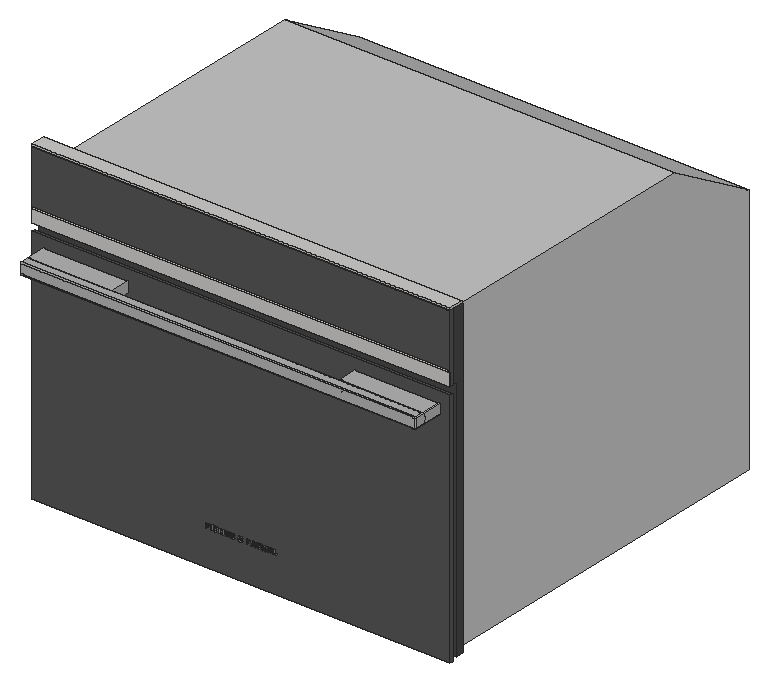
Revit family "FP_Revit_18_OS24NDB1_Steam_Oven_90000815A", category Specialty Equipment, Revit 2018
Family settings
  Round Connector Dimension = Use Diameter
  Part Type = Normal
  OmniClass Number = 23.40.40.14.17.31
  OmniClass Title = Small Specialized Cooking Equipment
  Work Plane-Based = No
  Always vertical = Yes
  Cut with Voids When Loaded = Yes
  Shared = No
  Room Calculation Point = No
Parameters (values of type "OS24NDB1")
  Visibility - Clearance Required = yes
  URL = "www.fisherpaykel.com"
  Product - Width = 596 mm  # constant formula
  Product - Height = 458 mm  # constant formula
  Product - Depth = 562 mm  # constant formula
  Model = "OS24NDB1"
  Material - Trim = Fisher & Paykel - Stainless Steel
  Material - Structure = Fisher & Paykel - Black
  Material - Handle = Fisher & Paykel - Aluminium
  Material - Glass = Fisher & Paykel - Glass, Black
  Material - Body = Fisher & Paykel - Grey
  Manufacturer = "Fisher & Paykel Appliances"
  FFL Offset [instance] = 860 mm
  Description = "24\" Steam Oven"
  Connector Description - Electrical = "208 V or 240 V, 60 Hz, 10.8 or 12.5 A"
  Chassis - Width = 556 mm  # constant formula
  Chassis - Height = 446 mm  # constant formula
  Chassis - Depth = 540 mm  # constant formula
  Cavity - Width = 560 mm  # constant formula
  Cavity - Height = 460 mm  # constant formula
  Cavity - Depth = 560 mm  # constant formula
Reference planes
  plane 1 "Center (Front/Back)": y = 0
  plane 2: z = 0
  plane 3 "Center (Left/Right)": x = 0
  plane 4: z = 1320
  plane 5: z = 1318
  plane 6 "Product LHS": x = -298
  plane 7 "Product RHS": x = 298
  plane 8 "Product - Depth": y = 0
  plane 9 "Cavity LHS": x = -300
  plane 10 "Cavity RHS": x = 300
  plane 11 "Cavity - Depth": y = 560
  plane 12 "Front Face": y = -22
  plane 13 "Chassis - Height": z = 0
  plane 14 "Product Depth": y = 540
  plane 15 "FFL Offset": z = 860
Forms (mm)
  Extrusion 1, solid, material "Fisher & Paykel - Grey" <- "Material - Body"
    sketch origin (0, 0, 0) x (0, 1, 0) y (0, 0, 1)
      loop
        line (0, 1306) -> (0, 867.28) -> (5.16, 867.28) -> (5.16, 860) -> (534.187, 860) -> (534.187, 1217.991) -> (403.295, 1296.64) -> (24.316, 1296.64) -> (8.71, 1306) -> (0, 1306)
    from -278 to 278
  Extrusion 2, solid, material "Fisher & Paykel - Black" <- "Material - Structure", detail levels fine
    sketch origin (0, 0, 0) x (0, 1, 0) y (0, 0, 1)
      loop
        line (0, 1313.9) -> (-2, 1313.9) -> (-2, 1315) -> (-18, 1315) -> (-18, 1218) -> (-9.89, 1218) -> (-9.89, 867.28) -> (0, 867.28) -> (0, 1313.9)
    from -298 to 298
  Extrusion 3, solid, material "Fisher & Paykel - Stainless Steel" <- "Material - Trim", detail levels fine
    sketch origin (0, 0, 0) x (0, 1, 0) y (0, 0, 1)
      loop
        line (-22, 1318) -> (-22, 1315) -> (-2, 1315) -> (-2, 1318) -> (-22, 1318)
    from -298 to 298
  Extrusion 4, solid, material "Fisher & Paykel - Glass, Black" <- "Material - Glass", detail levels fine
    sketch origin (0, 0, 0) x (0, 1, 0) y (0, 0, 1)
      loop
        line (-18, 1315) -> (-20.262, 1315)
        arc (-20.262, 1315) -> (-21.236, 1314.682) -> (-22, 1314) r 2.5
        line (-22, 1314) -> (-22, 1218) -> (-18, 1218) -> (-18, 1315)
    from -298 to 298
  Extrusion 5, solid, material "Fisher & Paykel - Glass, Black" <- "Material - Glass", detail levels fine
    sketch origin (0, 0, 0) x (0, 1, 0) y (0, 0, 1)
      loop
        line (-22, 1206.53) -> (-22, 864.53) -> (-18, 864.53) -> (-18, 1206.53) -> (-22, 1206.53)
    from -298 to 298
  Extrusion 6, solid, material "Fisher & Paykel - Black" <- "Material - Structure", detail levels fine
    sketch origin (0, 0, 0) x (0, 1, 0) y (0, 0, 1)
      loop
        line (-18, 1189.33) -> (-18, 867.28) -> (-9.89, 867.28) -> (-9.89, 1189.33) -> (-18, 1189.33)
    from -278 to 278
  Extrusion 7, void
    sketch origin (0, 0, 0) x (1, 0, 0) y (0, 0, 1)
      loop
        line (-158.462, 1012.91) -> (-229.24, 1012.91)
        arc (-229.24, 1012.91) -> (-232.776, 1011.446) -> (-234.24, 1007.91) r 5
        line (-234.24, 1007.91) -> (-234.24, 915.13)
        arc (-234.24, 915.13) -> (-232.776, 911.594) -> (-229.24, 910.13) r 5
        line (-229.24, 910.13) -> (-158.462, 910.13)
        arc (-158.462, 910.13) -> (-154.926, 911.594) -> (-153.462, 915.13) r 5
        line (-153.462, 915.13) -> (-153.462, 1007.91)
        arc (-153.462, 1007.91) -> (-154.926, 1011.446) -> (-158.462, 1012.91) r 5
    from -539.6 to -521.6
  Sweep 8, void
    path in 3D
      loop
        arc (-153.462, 521.6, 915.13) -> (-154.926, 521.6, 911.594) -> (-158.462, 521.6, 910.13) r 5
        line (-158.462, 521.6, 910.13) -> (-229.24, 521.6, 910.13)
        arc (-229.24, 521.6, 910.13) -> (-232.776, 521.6, 911.594) -> (-234.24, 521.6, 915.13) r 5
        line (-234.24, 521.6, 915.13) -> (-234.24, 521.6, 1007.91)
        arc (-234.24, 521.6, 1007.91) -> (-232.776, 521.6, 1011.446) -> (-229.24, 521.6, 1012.91) r 5
        line (-229.24, 521.6, 1012.91) -> (-158.462, 521.6, 1012.91)
        arc (-158.462, 521.6, 1012.91) -> (-154.926, 521.6, 1011.446) -> (-153.462, 521.6, 1007.91) r 5
        line (-153.462, 521.6, 1007.91) -> (-153.462, 521.6, 915.13)
    profile origin (-153.462, 521.6, 961.52) x (-1, 0, 0) y (0, -1, 0)
      loop
        line (0, 0) -> (-21.3, -12.587) -> (0, -12.587) -> (0, 0)
  Extrusion 9, solid, material "Fisher & Paykel - Grey" <- "Material - Body", detail levels medium+fine
    sketch origin (0, 0, -140) x (1, 0, 0) y (0, 0, 1)
      loop
        line (-175.354, 1115.273) -> (-212.354, 1115.273) -> (-212.354, 1057.273) -> (-175.354, 1057.273) -> (-175.354, 1115.273)
    from -540 to -521.6
  Extrusion 10, solid, material "Fisher & Paykel - Stainless Steel" <- "Material - Trim", detail levels fine
    sketch origin (0, 0, 0) x (0, 1, 0) y (0, 0, 1)
      loop
        line (-22, 1218) -> (-22, 1237.8) -> (-22.8, 1237.8) -> (-23.7, 1235.5) -> (-23.7, 1218) -> (-22, 1218)
    from -298 to 298
  Extrusion 11, solid, material "Fisher & Paykel - Clearance Required", visible <- "Visibility - Clearance Required", detail levels coarse
    sketch origin (0, 0, 0) x (1, 0, 0) y (0, 1, 0)
      loop
        line (-280, 0) -> (280, 0) -> (280, 548.619) -> (-280, 548.619) -> (-280, 0)
    from 860 to 1320
  Extrusion 12, solid, material "Fisher & Paykel - Clearance Required", visible <- "Visibility - Clearance Required", detail levels coarse
    sketch origin (0, 0, 0) x (0, 1, 0) y (0, 0, 1)
      loop
        arc (-22, 1206.53) -> (-241.159, 1121.206) -> (-341.563, 908.532) r 317.644
        line (-341.563, 908.532) -> (-326.406, 906.445) -> (-332.106, 865.048) -> (-316.871, 862.951) -> (-311.171, 904.347) -> (-22, 864.53) -> (-22, 860) -> (0, 860) -> (0, 1320) -> (-22, 1320) -> (-22, 1206.53)
    from -300 to 300
  Sweep 13, solid, material "Fisher & Paykel - Grey" <- "Material - Body", detail levels fine
    path origin (0, 0, -140) x (0, 1, 0) y (0, 0, 1)
      loop
        arc (530.8, 1057.273) -> (536.019, 1044.673) -> (548.619, 1039.454) r 17.819
    profile origin (0, 536.019, 904.673) x (0, 0.707107, 0.707107) y (1, 0, 0)
      loop
        circle (0, -193.854) r 5
  Extrusion 14, solid, material "Fisher & Paykel - Glass, Black" <- "Material - Glass", detail levels coarse+medium
    sketch origin (0, 0, 0) x (0, 1, 0) y (0, 0, 1)
      loop
        line (-22, 1318) -> (-22, 1218) -> (-9.89, 1218) -> (-9.89, 1189.33) -> (-18, 1189.33) -> (-18, 1206.53) -> (-22, 1206.53) -> (-22, 864.53) -> (-18, 864.53) -> (-18, 867.28) -> (0, 867.28) -> (0, 1313.9) -> (-2, 1313.9) -> (-2, 1318) -> (-22, 1318)
    from -298 to 298
  Extrusion 15, solid, material "Fisher & Paykel - Grey" <- "Material - Body", not visible, detail levels medium+fine
    sketch origin (0, 0, 0) x (1, 0, 0) y (0, 0, 1)
      loop
        line (-175.354, 1115.273) -> (-212.354, 1115.273) -> (-212.354, 1057.273) -> (-175.354, 1057.273) -> (-175.354, 1115.273)
    from -540 to -521.6
  Sweep 16, solid, material "Fisher & Paykel - Grey" <- "Material - Body", not visible, detail levels fine
    path origin (0, 0, 0) x (0, 1, 0) y (0, 0, 1)
      loop
        arc (530.8, 1057.273) -> (536.019, 1044.673) -> (548.619, 1039.454) r 17.819
    profile origin (0, 536.019, 1044.673) x (0, 0.707107, 0.707107) y (1, 0, 0)
      loop
        circle (0, -193.854) r 5
  Extrusion 17, void
    sketch origin (0, 0, 0) x (1, 0, 0) y (0, 1, 0)
      loop
        line (-280, 0) -> (280, 0) -> (280, 548.619) -> (-280, 548.619) -> (-280, 0)
    from 860 to 1320
  Extrusion 18, solid, material "Fisher & Paykel - Clearance Required", visible <- "Visibility - Clearance Required", detail levels coarse
    sketch origin (0, 0, 0) x (0, 1, 0) y (0, 0, 1)
      loop
        arc (-22, 1206.53) -> (-241.159, 1121.206) -> (-341.563, 908.532) r 317.644
        line (-341.563, 908.532) -> (-326.406, 906.445) -> (-332.106, 865.048) -> (-316.871, 862.951) -> (-311.171, 904.347) -> (-22, 864.53) -> (-22, 860) -> (0, 860) -> (0, 1320) -> (-22, 1320) -> (-22, 1206.53)
    from -300 to 300
  Extrusion 19, void
    sketch origin (0, 0, 0) x (0, 1, 0) y (0, 0, 1)
      loop
        line (-22, 1320) -> (-22, 860) -> (0, 860) -> (0, 1320) -> (-22, 1320)
    from -300 to 300
Cuts and joins
  Extrusion 7, Sweep 8 cuts Extrusion 1
  Extrusion 7 cuts Extrusion 2
  Extrusion 7 cuts Extrusion 5
  Extrusion 7 cuts Extrusion 6
Lines and regions (mm)
  sketch lines
    curve 1: line (-153.462, 521.6, 1007.91) -> (-153.462, 521.6, 915.13)
    curve 2: arc (-153.462, 521.6, 1007.91) -> (-154.926, 521.6, 1011.446) -> (-158.462, 521.6, 1012.91) r 5
    curve 3: line (-229.24, 521.6, 1012.91) -> (-158.462, 521.6, 1012.91)
    curve 4: arc (-229.24, 521.6, 1012.91) -> (-232.776, 521.6, 1011.446) -> (-234.24, 521.6, 1007.91) r 5
    curve 5: line (-234.24, 521.6, 915.13) -> (-234.24, 521.6, 1007.91)
    curve 6: arc (-234.24, 521.6, 915.13) -> (-232.776, 521.6, 911.594) -> (-229.24, 521.6, 910.13) r 5
    curve 7: arc (-158.462, 521.6, 910.13) -> (-154.926, 521.6, 911.594) -> (-153.462, 521.6, 915.13) r 5
    curve 8: line (-158.462, 521.6, 910.13) -> (-229.24, 521.6, 910.13)
Text (mm)
  text "Due to ongoing product development, product details are subject to change without notice. \nPlease always refer to www.fisherpaykel.com for the most current product information. \n© Fisher & Paykel 2020" at (41.04, -413.295, 0), in view "Ref. Level (Plan)"
Dimensions and locks
  equal spacing: plane 6 "Product LHS", plane 3 "Center (Left/Right)", plane 7 "Product RHS"
  "Product - Width": plane 6 "Product LHS" to plane 7 "Product RHS"
  equal spacing: plane 9 "Cavity LHS", plane 3 "Center (Left/Right)", plane 10 "Cavity RHS"
  locked: plane 9 "Cavity LHS" to plane 10 "Cavity RHS" at 600
  "Cavity - Depth": plane 11 "Cavity - Depth" to plane 1 "Center (Front/Back)"
  locked: plane 12 "Front Face" to plane 1 "Center (Front/Back)" at 22
  "Chassis - Depth": plane 1 "Center (Front/Back)" to plane 14 "Product Depth"
  Extrusion 1 sketch curve to plane 14 "Product Depth" = 5.813 mm
  equal spacing: cut or joined group of Extrusion 1, Extrusion 7, Sweep 8, plane 3 "Center (Left/Right)", cut or joined group of Extrusion 1, Extrusion 7, Sweep 8
  "Chassis - Width": cut or joined group of Extrusion 1, Extrusion 7, Sweep 8 to cut or joined group of Extrusion 1, Extrusion 7, Sweep 8
  "FFL Offset": plane 15 "FFL Offset" to level
  locked: nested 2 to plane 15 "FFL Offset" at 61.04
  locked: cut or joined group of Extrusion 1, Extrusion 7, Sweep 8 to plane 15 "FFL Offset" at 7.28
  locked: Extrusion 14 to plane 15 "FFL Offset" at 4.53
  locked: cut or joined group of Extrusion 1, Extrusion 7, Sweep 8 to plane 15 "FFL Offset" at 436.64
  "Chassis - Height": cut or joined group of Extrusion 1, Extrusion 7, Sweep 8 to plane 15 "FFL Offset"
  Extrusion 11 to plane 15 "FFL Offset" = 460 mm
  locked: plane 15 "FFL Offset" to Extrusion 9 at 57.273
  locked: plane 15 "FFL Offset" to cut or joined group of Extrusion 1, Extrusion 7, Sweep 8 at 50.13
  "Product - Height": plane 5 to plane 15 "FFL Offset"
  "Cavity - Height": plane 4 to plane 15 "FFL Offset"
  locked: nested 1 to plane 15 "FFL Offset" at 330.978
  locked: plane 5 to Extrusion 14 at 100
  locked: plane 5 to Extrusion 14 at 111.47
  locked: Extrusion 12 sketch curve to plane 15 "FFL Offset" at 4.53
  locked: plane 15 "FFL Offset" to Extrusion 7 sketch curve at 152.91
  locked: plane 15 "FFL Offset" to Extrusion 7 sketch curve at 50.13
  "Cavity - Width": Extrusion 17 to Extrusion 17
  aligned and locked: level to plane 2
  aligned and locked: Extrusion 3 sketch curve to plane 5
  aligned and locked: plane 6 "Product LHS" to Extrusion 5
  aligned and locked: Extrusion 5 to plane 7 "Product RHS"
  aligned and locked: Extrusion 4 to plane 7 "Product RHS"
  aligned and locked: plane 6 "Product LHS" to Extrusion 4
  aligned and locked: plane 6 "Product LHS" to Extrusion 3
  aligned and locked: Extrusion 3 to plane 7 "Product RHS"
  aligned and locked: plane 6 "Product LHS" to Extrusion 2
  aligned and locked: Extrusion 2 to plane 7 "Product RHS"
  aligned and locked: plane 14 "Product Depth" to Extrusion 9
  aligned and locked: cut or joined group of Extrusion 1, Extrusion 7, Sweep 8 to Extrusion 9
  aligned and locked: Extrusion 10 to plane 7 "Product RHS"
  aligned and locked: plane 6 "Product LHS" to Extrusion 10
  aligned and locked: Extrusion 14 to plane 7 "Product RHS"
  aligned and locked: plane 6 "Product LHS" to Extrusion 14
  aligned and locked: Extrusion 1 to plane 15 "FFL Offset"
  aligned and locked: Extrusion 11 to cut or joined group of Extrusion 1, Extrusion 7, Sweep 8
  aligned and locked: Extrusion 14 to cut or joined group of Extrusion 1, Extrusion 7, Sweep 8
  aligned and locked: Extrusion 2 to cut or joined group of Extrusion 1, Extrusion 7, Sweep 8
  aligned and locked: Extrusion 6 to cut or joined group of Extrusion 1, Extrusion 7, Sweep 8
  aligned and locked: plane 5 to Extrusion 3
  aligned and locked: plane 5 to Extrusion 14
  aligned and locked: Extrusion 10 to Extrusion 4
  aligned and locked: Extrusion 14 to Extrusion 4
  aligned and locked: Extrusion 4 to cut or joined group of Extrusion 2, Extrusion 7
  aligned and locked: Extrusion 5 to Extrusion 14  (x2)
  aligned and locked: plane 4 to Extrusion 11
  aligned and locked: Extrusion 11 to Sweep 13
  aligned and locked: Extrusion 12 sketch curve to plane 15 "FFL Offset"
  aligned and locked: Extrusion 12 sketch curve to plane 4
  aligned and locked: plane 4 to Extrusion 17
  aligned and locked: Extrusion 17 to cut or joined group of Extrusion 1, Extrusion 7, Sweep 8
  aligned and locked: plane 15 "FFL Offset" to Extrusion 19 sketch curve
  aligned and locked: Extrusion 19 sketch curve to plane 4
Automatic sketch dimensions
  Extrusion 9 sketch curve to Extrusion 9 sketch curve = 37 mm
  Extrusion 9 sketch curve to Extrusion 9 sketch curve = 58 mm
  Sweep 13 sketch curve to profile plane = 0 mm
  Sweep 13 sketch curve to Sweep 13 sketch curve = 17.819 mm
  Sweep 13 sketch curve to profile plane = 193.854 mm
  Extrusion 15 sketch curve to Extrusion 15 sketch curve = 37 mm
  Extrusion 15 sketch curve to Extrusion 15 sketch curve = 58 mm
  Sweep 16 sketch curve to profile plane = 0 mm
  Sweep 16 sketch curve to Sweep 16 sketch curve = 17.819 mm
  Sweep 16 sketch curve to profile plane = 193.854 mm
  Extrusion 1 sketch curve to plane 1 "Center (Front/Back)" = 0 mm
  Extrusion 1 sketch curve to plane 15 "FFL Offset" = 0 mm
  Extrusion 1 sketch curve to plane 1 "Center (Front/Back)" = 5.16 mm
  Extrusion 1 sketch curve to Extrusion 1 sketch curve = 8.71 mm
  Extrusion 1 sketch curve to Extrusion 1 sketch curve = 15.606 mm
  Extrusion 1 sketch curve to plane 5 = 21.36 mm
  Extrusion 1 sketch curve to plane 14 "Product Depth" = 136.705 mm
  Extrusion 1 sketch curve to Extrusion 1 sketch curve = 7.28 mm
  Extrusion 1 sketch curve to plane 5 = 100.009 mm
  Extrusion 1 sketch curve to plane 5 = 12 mm
  Extrusion 2 sketch curve to plane 1 "Center (Front/Back)" = 0 mm
  plane 1 "Center (Front/Back)" to Extrusion 2 sketch curve = 2 mm
  plane 1 "Center (Front/Back)" to Extrusion 2 sketch curve = 9.89 mm
  plane 12 "Front Face" to Extrusion 2 sketch curve = 4 mm
  plane 15 "FFL Offset" to Extrusion 2 sketch curve = 7.28 mm
  Extrusion 2 sketch curve to plane 5 = 100 mm
  Extrusion 2 sketch curve to plane 5 = 4.1 mm
  Extrusion 2 sketch curve to Extrusion 2 sketch curve = 1.1 mm
  Extrusion 3 sketch curve to plane 12 "Front Face" = 0 mm
  plane 1 "Center (Front/Back)" to Extrusion 3 sketch curve = 2 mm
  Extrusion 3 sketch curve to plane 5 = 3 mm
  Extrusion 4 sketch curve to plane 12 "Front Face" = 0 mm
  plane 12 "Front Face" to Extrusion 4 sketch curve = 1.738 mm
  plane 12 "Front Face" to Extrusion 4 sketch curve = 2.011 mm
  plane 12 "Front Face" to Extrusion 4 sketch curve = 4 mm
  Extrusion 4 sketch curve to plane 5 = 100 mm
  Extrusion 4 sketch curve to plane 5 = 5.485 mm
  Extrusion 4 sketch curve to Extrusion 4 sketch curve = 1.485 mm
  Extrusion 5 sketch curve to plane 12 "Front Face" = 0 mm
  plane 12 "Front Face" to Extrusion 5 sketch curve = 4 mm
  plane 15 "FFL Offset" to Extrusion 5 sketch curve = 4.53 mm
  Extrusion 5 sketch curve to plane 5 = 111.47 mm
  plane 12 "Front Face" to Extrusion 6 sketch curve = 4 mm
  Extrusion 6 sketch curve to Extrusion 6 sketch curve = 8.11 mm
  plane 15 "FFL Offset" to Extrusion 6 sketch curve = 7.28 mm
  Extrusion 6 sketch curve to plane 5 = 128.67 mm
  Extrusion 7 sketch curve to plane 6 "Product LHS" = 63.76 mm
  Extrusion 7 sketch curve to Extrusion 7 sketch curve = 5 mm  (x3)
  Extrusion 7 sketch curve to Extrusion 7 sketch curve = 70.778 mm  (x2)
  Sweep 8 sketch curve to profile plane = 0 mm  (x2)
  Sweep 8 sketch curve to profile plane = 21.3 mm
  profile plane to Sweep 8 sketch curve = 12.587 mm
  Extrusion 10 sketch curve to plane 12 "Front Face" = 0 mm
  Extrusion 10 sketch curve to Extrusion 10 sketch curve = 0.8 mm
  Extrusion 10 sketch curve to plane 12 "Front Face" = 1.7 mm
  Extrusion 10 sketch curve to plane 5 = 100 mm
  Extrusion 10 sketch curve to Extrusion 10 sketch curve = 17.5 mm
  Extrusion 10 sketch curve to Extrusion 10 sketch curve = 2.3 mm
  plane 1 "Center (Front/Back)" to Extrusion 11 sketch curve = 0 mm
  plane 14 "Product Depth" to Extrusion 11 sketch curve = 8.619 mm
  Extrusion 11 sketch curve to plane 6 "Product LHS" = 18 mm
  plane 7 "Product RHS" to Extrusion 11 sketch curve = 18 mm
  Extrusion 12 sketch curve to plane 12 "Front Face" = 0 mm  (x2)
  Extrusion 12 sketch curve to plane 1 "Center (Front/Back)" = 0 mm
  Extrusion 12 sketch curve to plane 12 "Front Face" = 2.526 mm
  plane 15 "FFL Offset" to Extrusion 12 sketch curve = 44.347 mm
  Extrusion 12 sketch curve to Extrusion 12 sketch curve = 286.644 mm
  plane 15 "FFL Offset" to Extrusion 12 sketch curve = 2.951 mm
  plane 15 "FFL Offset" to Extrusion 12 sketch curve = 46.445 mm
  Extrusion 12 sketch curve to Extrusion 12 sketch curve = 15.235 mm
  plane 15 "FFL Offset" to Extrusion 12 sketch curve = 48.532 mm
  Extrusion 12 sketch curve to Extrusion 12 sketch curve = 24.366 mm
  Extrusion 14 sketch curve to plane 5 = 0 mm
  Extrusion 14 sketch curve to plane 12 "Front Face" = 0 mm  (x2)
  Extrusion 14 sketch curve to plane 1 "Center (Front/Back)" = 0 mm
  plane 12 "Front Face" to Extrusion 14 sketch curve = 4 mm  (x2)
  plane 1 "Center (Front/Back)" to Extrusion 14 sketch curve = 9.89 mm
  plane 1 "Center (Front/Back)" to Extrusion 14 sketch curve = 2 mm
  Extrusion 14 sketch curve to plane 5 = 4.1 mm
  Extrusion 14 sketch curve to Extrusion 14 sketch curve = 95.9 mm
  Extrusion 14 sketch curve to Extrusion 14 sketch curve = 11.47 mm
  Extrusion 14 sketch curve to Extrusion 14 sketch curve = 17.2 mm
  plane 15 "FFL Offset" to Extrusion 14 sketch curve = 7.28 mm
  Extrusion 14 sketch curve to Extrusion 14 sketch curve = 2.75 mm
  plane 1 "Center (Front/Back)" to Extrusion 17 sketch curve = 0 mm
  plane 14 "Product Depth" to Extrusion 17 sketch curve = 8.619 mm
  Extrusion 17 sketch curve to plane 6 "Product LHS" = 18 mm
  plane 7 "Product RHS" to Extrusion 17 sketch curve = 18 mm
  Extrusion 18 sketch curve to plane 12 "Front Face" = 0 mm  (x2)
  Extrusion 18 sketch curve to plane 1 "Center (Front/Back)" = 0 mm
  Extrusion 18 sketch curve to plane 15 "FFL Offset" = 0 mm
  Extrusion 18 sketch curve to plane 4 = 0 mm
  Extrusion 18 sketch curve to plane 12 "Front Face" = 2.526 mm
  plane 15 "FFL Offset" to Extrusion 18 sketch curve = 44.347 mm
  Extrusion 18 sketch curve to Extrusion 18 sketch curve = 286.644 mm
  plane 15 "FFL Offset" to Extrusion 18 sketch curve = 2.951 mm
  Extrusion 18 sketch curve to Extrusion 18 sketch curve = 5.7 mm
  plane 15 "FFL Offset" to Extrusion 18 sketch curve = 46.445 mm
  Extrusion 18 sketch curve to Extrusion 18 sketch curve = 15.235 mm
  plane 15 "FFL Offset" to Extrusion 18 sketch curve = 48.532 mm
  Extrusion 18 sketch curve to Extrusion 18 sketch curve = 24.366 mm
  Extrusion 19 sketch curve to plane 12 "Front Face" = 0 mm
  Extrusion 19 sketch curve to plane 1 "Center (Front/Back)" = 0 mm
  radius of Sweep 13 sketch curve = 5 mm
  radius of Sweep 16 sketch curve = 5 mm
Nested families
  nested 1: "F&P Handle Contemporary Square OB60-24" at (0, -22, 1183), type "Aluminium"
  nested 2: "F&P Logo 100mm" at (0, -22, 915), type "F&P Logo 100mm"
Connectors
  electrical at (-193.854, 548.619, 899.454), driven by "Connector Description - Electrical"
    settings: on Sweep 13, index 1, voltage 120 V, apparent load 0 VA, apparent load phase1 0 VA, apparent load phase2 0 VA, apparent load phase3 0 VA, power factor 1, load classification "Other", number of poles 1, system type 30, power factor state 1, is connector primary yes, connector utility no, sub classification motor no, connector description "208 V or 240 V, 60 Hz, 10.8 or 12.5 A"
Definition of nested family "F&P Handle Contemporary Square OB60-24"
  Parameters (values of type "Aluminium Dark")
    URL = "www.fisherpaykel.com"
    Material - Handle = none
    Manufacturer = "Fisher & Paykel Appliances"
    Handle - Length = 565 mm
  Types (2): name
    Aluminium
    Aluminium Dark
  Reference planes
    plane 1 "Center (Front/Back)": y = 0
    plane 2: z = 0
    plane 3 "Center (Left/Right)": x = 0
    plane 4 "Product LHS": x = -282.5
    plane 5 "Product RHS": x = 282.5
    plane 6 "LHS Standoff": x = -162.495
    plane 7 "RHS Standoff": x = 162.505
  Forms (mm)
    Extrusion 1, solid, material <- "Material - Handle", detail levels fine
      sketch origin (0, 0, 0) x (0, 1, 0) y (0, 0, 1)
        loop
          arc (-28.701, 7.561) -> (-29.057, 7.868) -> (-29.514, 7.978) r 1
          line (-29.514, 7.978) -> (-40.5, 7.978)
          arc (-40.5, 7.978) -> (-41.561, 7.539) -> (-42, 6.478) r 1.5
          line (-42, 6.478) -> (-42, -6.522)
          arc (-42, -6.522) -> (-41.561, -7.583) -> (-40.5, -8.022) r 1.5
          line (-40.5, -8.022) -> (-29.487, -8.022)
          arc (-29.487, -8.022) -> (-29.029, -7.911) -> (-28.673, -7.602) r 1
          arc (-28.673, -7.602) -> (-26.256, -0.016) -> (-28.701, 7.561) r 13.038
      from -282.5 to 282.5
    Extrusion 2, solid, material <- "Material - Handle", detail levels fine
      sketch origin (0, 0, 0) x (0, 1, 0) y (0, 0, 1)
        loop
          arc (-28.23, 7.062) -> (-26.156, 0.008) -> (-28.198, -7.056) r 13.136
          arc (-28.198, -7.056) -> (-28.21, -7.463) -> (-27.86, -7.67) r 0.4
          line (-27.86, -7.67) -> (0, -7.67) -> (0, 7.678) -> (-27.893, 7.678)
          arc (-27.893, 7.678) -> (-28.244, 7.47) -> (-28.23, 7.062) r 0.4
      from 162.505 to 282.5
    Extrusion 3, solid, material <- "Material - Handle", detail levels fine
      sketch origin (0, 0, 0) x (0, 1, 0) y (0, 0, -1)
        loop
          arc (-28.23, -7.062) -> (-28.244, -7.47) -> (-27.893, -7.678) r 0.4
          line (-27.893, -7.678) -> (0, -7.678) -> (0, 7.67) -> (-27.86, 7.67)
          arc (-27.86, 7.67) -> (-28.21, 7.463) -> (-28.198, 7.056) r 0.4
          arc (-28.198, 7.056) -> (-26.156, -0.008) -> (-28.23, -7.062) r 13.136
      from 162.495 to 282.5
    Sweep 4, void
      path in 3D
        loop
          line (282.5, -29.514, 7.978) -> (282.5, -40.5, 7.978)
          arc (282.5, -40.5, 7.978) -> (282.5, -41.561, 7.539) -> (282.5, -42, 6.478) r 1.5
          line (282.5, -42, 6.478) -> (282.5, -42, -6.522)
          arc (282.5, -42, -6.522) -> (282.5, -41.561, -7.583) -> (282.5, -40.5, -8.022) r 1.5
          line (282.5, -40.5, -8.022) -> (282.5, -29.487, -8.022)
      profile origin (282.5, -35.007, 7.978) x (1, 0, 0) y (0, 0, 1)
        loop
          line (0, 0) -> (-1.3, 0) -> (0, -1.3) -> (0, 0)
    Sweep 5, void
      path in 3D
        loop
          line (-282.5, -29.487, -8.022) -> (-282.5, -40.5, -8.022)
          arc (-282.5, -40.5, -8.022) -> (-282.5, -41.561, -7.583) -> (-282.5, -42, -6.522) r 1.5
          line (-282.5, -42, -6.522) -> (-282.5, -42, 6.478)
          arc (-282.5, -42, 6.478) -> (-282.5, -41.561, 7.539) -> (-282.5, -40.5, 7.978) r 1.5
          line (-282.5, -40.5, 7.978) -> (-282.5, -29.514, 7.978)
      profile origin (-282.5, -35.007, 7.978) x (-1, 0, 0) y (0, 0, 1)
        loop
          line (0, 0) -> (-1.3, 0) -> (0, -1.3) -> (0, 0)
    Extrusion 6, void
      sketch origin (0, 0, 0) x (1, 0, 0) y (0, 0, 1)
        loop
          line (282.5, 7.978) -> (281.2, 7.978) -> (282.5, 6.678) -> (282.5, 7.978)
        loop
          line (282.5, -8.022) -> (282.5, -6.722) -> (281.2, -8.022) -> (282.5, -8.022)
      from 0 to 40
    Extrusion 7, void
      sketch origin (0, 0, 0) x (1, 0, 0) y (0, 0, 1)
        loop
          line (-282.5, 7.978) -> (-282.5, 6.678) -> (-281.2, 7.978) -> (-282.5, 7.978)
        loop
          line (-282.5, -8.022) -> (-281.2, -8.022) -> (-282.5, -6.722) -> (-282.5, -8.022)
      from 0 to 40
    Extrusion 8, solid, material <- "Material - Handle", detail levels coarse+medium
      sketch origin (0, 0, 0) x (1, 0, 0) y (0, 1, 0)
        loop
          line (-282.5, -42) -> (282.5, -42) -> (282.5, 0) -> (162.505, 0) -> (162.505, -26.156) -> (-162.495, -26.156) -> (-162.495, 0) -> (-282.5, 0) -> (-282.5, -42)
      from -8.022 to 7.978
  Cuts and joins
    Sweep 4, Sweep 5, Extrusion 6, Extrusion 7 cuts Extrusion 1
    Extrusion 6 cuts Extrusion 2
    Extrusion 7 cuts Extrusion 3
  Lines and regions (mm)
    sketch lines
      curve 1: line (282.5, -29.514, 7.978) -> (282.5, -40.5, 7.978)
      curve 2: arc (282.5, -42, 6.478) -> (282.5, -41.561, 7.539) -> (282.5, -40.5, 7.978) r 1.5
      curve 3: line (282.5, -42, 6.478) -> (282.5, -42, -6.522)
      curve 4: arc (282.5, -40.5, -8.022) -> (282.5, -41.561, -7.583) -> (282.5, -42, -6.522) r 1.5
      curve 5: line (282.5, -40.5, -8.022) -> (282.5, -29.487, -8.022)
      curve 6: line (-282.5, -40.5, 7.978) -> (-282.5, -29.514, 7.978)
      curve 7: arc (-282.5, -40.5, 7.978) -> (-282.5, -41.561, 7.539) -> (-282.5, -42, 6.478) r 1.5
      curve 8: line (-282.5, -42, -6.522) -> (-282.5, -42, 6.478)
      curve 9: arc (-282.5, -42, -6.522) -> (-282.5, -41.561, -7.583) -> (-282.5, -40.5, -8.022) r 1.5
      curve 10: line (-282.5, -29.487, -8.022) -> (-282.5, -40.5, -8.022)
  Dimensions and locks
    equal spacing: plane 4 "Product LHS", plane 3 "Center (Left/Right)", plane 5 "Product RHS"
    "Handle - Length": plane 4 "Product LHS" to plane 5 "Product RHS"
    locked: plane 4 "Product LHS" to plane 6 "LHS Standoff" at 120.005
    locked: plane 7 "RHS Standoff" to plane 5 "Product RHS" at 119.995
    aligned and locked: level to plane 2
    aligned and locked: Extrusion 1 to plane 5 "Product RHS"
    aligned and locked: plane 4 "Product LHS" to Extrusion 1
    aligned and locked: Extrusion 2 to plane 5 "Product RHS"
    aligned and locked: plane 4 "Product LHS" to Extrusion 3
    aligned and locked: plane 4 "Product LHS" to Extrusion 8 sketch curve
    aligned and locked: Extrusion 8 sketch curve to plane 5 "Product RHS"
    aligned and locked: Extrusion 8 sketch curve to plane 7 "RHS Standoff"
    aligned and locked: plane 6 "LHS Standoff" to Extrusion 8 sketch curve
    aligned and locked: Extrusion 2 to plane 7 "RHS Standoff"
    aligned and locked: plane 6 "LHS Standoff" to Extrusion 3
  Automatic sketch dimensions
    Extrusion 1 sketch curve to level = 6.522 mm
    plane 1 "Center (Front/Back)" to Extrusion 1 sketch curve = 42 mm
    Extrusion 1 sketch curve to Extrusion 1 sketch curve = 1.5 mm  (x2)
    Extrusion 1 sketch curve to level = 0.04 mm
    Extrusion 1 sketch curve to Extrusion 1 sketch curve = 1.206 mm
    level to Extrusion 1 sketch curve = 6.978 mm
    Extrusion 1 sketch curve to Extrusion 1 sketch curve = 10.986 mm
    Extrusion 1 sketch curve to Extrusion 1 sketch curve = 11.013 mm
    Extrusion 1 sketch curve to Extrusion 1 sketch curve = 1 mm
    level to Extrusion 1 sketch curve = 6.478 mm
    Extrusion 1 sketch curve to Extrusion 1 sketch curve = 0 mm
    Extrusion 2 sketch curve to plane 1 "Center (Front/Back)" = 0 mm
    Extrusion 2 sketch curve to level = 7.67 mm
    Extrusion 2 sketch curve to Extrusion 2 sketch curve = 27.86 mm
    level to Extrusion 2 sketch curve = 7.678 mm
    Extrusion 2 sketch curve to Extrusion 2 sketch curve = 0.033 mm
    Extrusion 2 sketch curve to level = 0.022 mm
    Extrusion 2 sketch curve to Extrusion 2 sketch curve = 11.398 mm
    Extrusion 2 sketch curve to Extrusion 2 sketch curve = 0.4 mm  (x2)
    Extrusion 2 sketch curve to Extrusion 2 sketch curve = 0 mm
    Extrusion 3 sketch curve to plane 1 "Center (Front/Back)" = 0 mm
    Extrusion 3 sketch curve to level = 7.67 mm
    Extrusion 3 sketch curve to Extrusion 3 sketch curve = 27.86 mm
    level to Extrusion 3 sketch curve = 7.678 mm
    Extrusion 3 sketch curve to Extrusion 3 sketch curve = 0.033 mm
    Extrusion 3 sketch curve to level = 0.022 mm
    Extrusion 3 sketch curve to Extrusion 3 sketch curve = 11.398 mm
    Extrusion 3 sketch curve to Extrusion 3 sketch curve = 0.4 mm  (x2)
    Extrusion 3 sketch curve to Extrusion 3 sketch curve = 0 mm
    profile plane to Sweep 4 sketch curve = 0 mm
    Sweep 4 sketch curve to profile plane = 0 mm
    Sweep 4 sketch curve to profile plane = 1.3 mm
    profile plane to Sweep 4 sketch curve = 1.3 mm
    Sweep 5 sketch curve to profile plane = 0 mm  (x2)
    profile plane to Sweep 5 sketch curve = 1.3 mm
    Sweep 5 sketch curve to profile plane = 1.3 mm
    plane 5 "Product RHS" to Extrusion 6 sketch curve = 0 mm  (x2)
    Extrusion 6 sketch curve to Extrusion 6 sketch curve = 1.3 mm  (x4)
    Extrusion 6 sketch curve to level = 6.722 mm
    level to Extrusion 6 sketch curve = 6.678 mm
    plane 4 "Product LHS" to Extrusion 7 sketch curve = 0 mm  (x2)
    Extrusion 7 sketch curve to plane 4 "Product LHS" = 1.3 mm  (x2)
    Extrusion 7 sketch curve to level = 8.022 mm
    level to Extrusion 7 sketch curve = 6.678 mm
    Extrusion 7 sketch curve to Extrusion 7 sketch curve = 1.3 mm  (x2)
    plane 1 "Center (Front/Back)" to Extrusion 8 sketch curve = 0 mm  (x2)
    Extrusion 8 sketch curve to Extrusion 8 sketch curve = 26.156 mm
    Extrusion 8 sketch curve to Extrusion 8 sketch curve = 42 mm
Definition of nested family "F&P Logo 100mm"
  Parameters (values of type "F&P Logo 100mm")
    URL = "www.fisherpaykel.com"
    Material - Logo = none
    Manufacturer = "Fisher & Paykel Appliances"
  Reference planes
    plane 1 "Center (Front/Back)": y = 0
    plane 2: z = 0
    plane 3 "Center (Left/Right)": x = 0
  Forms (mm)
    Extrusion 1, solid, material <- "Material - Logo", detail levels fine
      sketch origin (0, 0, 0) x (1, 0, 0) y (0, 0, 1)
        loop
          line (-50.044, 0) -> (-48.47, 0) -> (-48.47, 2.138) -> (-46.011, 2.138) -> (-46.011, 3.472) -> (-48.47, 3.472) -> (-48.47, 4.712) -> (-45.795, 4.712) -> (-45.795, 6.04) -> (-50.044, 6.04) -> (-50.044, 0)
        loop
          line (-42.804, 6.04) -> (-42.804, 0) -> (-41.23, 0) -> (-41.23, 6.04) -> (-42.804, 6.04)
        loop
          line (-30.724, 6.04) -> (-30.724, 0) -> (-29.151, 0) -> (-29.151, 2.42) -> (-26.839, 2.42) -> (-26.839, 0) -> (-25.265, 0) -> (-25.265, 6.04) -> (-26.839, 6.04) -> (-26.839, 3.748) -> (-29.151, 3.748) -> (-29.151, 6.04) -> (-30.724, 6.04)
        loop
          line (-21.906, 6.04) -> (-21.906, 0) -> (-17.602, 0) -> (-17.602, 1.328) -> (-20.347, 1.328) -> (-20.347, 2.42) -> (-17.838, 2.42) -> (-17.838, 3.748) -> (-20.347, 3.748) -> (-20.347, 4.712) -> (-17.602, 4.712) -> (-17.602, 6.04) -> (-21.906, 6.04)
        loop
          line (45.667, 6.04) -> (45.667, 0) -> (49.956, 0) -> (49.956, 1.328) -> (47.241, 1.328) -> (47.241, 6.04) -> (45.667, 6.04)
        loop
          line (42.431, 6.04) -> (38.112, 6.04) -> (38.112, 0) -> (42.431, 0) -> (42.431, 1.328) -> (39.687, 1.328) -> (39.687, 2.42) -> (42.195, 2.42) -> (42.195, 3.748) -> (39.687, 3.748) -> (39.687, 4.712) -> (42.431, 4.712) -> (42.431, 6.04)
        loop
          line (33.451, 3.148) -> (35.683, 6.04) -> (33.844, 6.04) -> (31.915, 3.542) -> (31.915, 6.04) -> (30.342, 6.04) -> (30.342, 0) -> (31.915, 0) -> (31.915, 2.705) -> (33.903, 0) -> (35.763, 0) -> (33.451, 3.148)
        loop
          line (21.98, 6.04) -> (24.262, 2.42) -> (24.262, 0) -> (25.837, 0) -> (25.837, 2.341) -> (28.119, 6.04) -> (26.446, 6.04) -> (25.099, 3.707) -> (23.753, 6.04) -> (21.98, 6.04)
        loop
          line (18.479, 6.04) -> (16.983, 6.04) -> (14.524, 0) -> (16.069, 0) -> (16.501, 1.112) -> (18.921, 1.112) -> (19.354, 0) -> (20.938, 0) -> (18.479, 6.04)
        loop
          line (18.4, 2.439) -> (17.693, 4.174) -> (17.018, 2.439) -> (18.4, 2.439)
        loop
          line (8.031, 6.04) -> (8.031, 0) -> (9.605, 0) -> (9.605, 1.938) -> (10.599, 1.938)
          arc (10.599, 1.938) -> (12.65, 3.989) -> (10.599, 6.04) r 2.051
          line (10.599, 6.04) -> (8.031, 6.04)
        loop
          line (9.605, 4.712) -> (9.605, 3.197) -> (10.501, 3.197)
          arc (10.501, 3.197) -> (11.259, 3.954) -> (10.501, 4.712) r 0.757
          line (10.501, 4.712) -> (9.605, 4.712)
        loop
          line (-11.783, 6.04) -> (-14.366, 6.04) -> (-14.366, 0) -> (-12.792, 0) -> (-12.792, 1.336) -> (-11.992, 1.336) -> (-10.972, 0) -> (-9.153, 0) -> (-10.694, 1.973)
          arc (-10.694, 1.973) -> (-9.678, 4.424) -> (-11.783, 6.04) r 2.179
        loop
          line (-11.897, 4.712) -> (-12.792, 4.712) -> (-12.792, 3.053) -> (-11.897, 3.053)
          arc (-11.897, 3.053) -> (-11.068, 3.882) -> (-11.897, 4.712) r 0.83
        loop
          line (0.477, 4.712) -> (0.477, 6.153) -> (-3.575, 6.153) -> (-3.575, 4.851) -> (-2.974, 4.112)
          arc (-2.974, 4.112) -> (-3.51, 0.684) -> (-0.045, 0.512) r 2.334
          line (-0.045, 0.512) -> (0.46, -0.109) -> (2.246, -0.109) -> (0.86, 1.594) -> (2.061, 3.324) -> (0.443, 3.324) -> (-0.013, 2.667) -> (-1.677, 4.712) -> (0.477, 4.712)
        loop
          arc (-2.125, 3.068) -> (-2.269, 1.668) -> (-0.868, 1.524) r 0.996
          line (-0.868, 1.524) -> (-2.125, 3.068)
        loop
          line (-35.18, 3.634) -> (-36.516, 3.91)
          arc (-36.516, 3.91) -> (-37.049, 4.443) -> (-36.516, 4.976) r 0.533
          arc (-36.516, 4.976) -> (-35.235, 4.79) -> (-34.059, 4.248) r 4.505
          line (-34.059, 4.248) -> (-34.059, 5.743)
          arc (-34.059, 5.743) -> (-35.549, 6.179) -> (-37.1, 6.109) r 4.726
          arc (-37.1, 6.109) -> (-38.536, 4.335) -> (-37.1, 2.561) r 1.814
          line (-37.1, 2.561) -> (-35.754, 2.282)
          arc (-35.754, 2.282) -> (-35.221, 1.749) -> (-35.754, 1.216) r 0.533
          arc (-35.754, 1.216) -> (-37.035, 1.402) -> (-38.211, 1.945) r 4.505
          line (-38.211, 1.945) -> (-38.211, 0.449)
          arc (-38.211, 0.449) -> (-36.72, 0.013) -> (-35.169, 0.083) r 4.726
          arc (-35.169, 0.083) -> (-33.734, 1.863) -> (-35.18, 3.634) r 1.814
      from 0 to 0.8
  Dimensions and locks
    aligned and locked: level to plane 2
